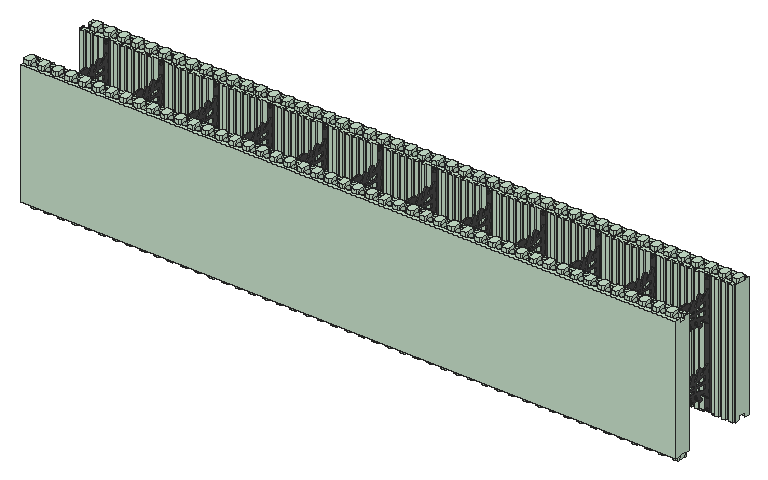
Revit family (continued)
Definition of nested family "NUDURA Diamond Pattern"
  Lines and regions (in)
    model lines
      curve 180: arc (4.54562, -5.625, 0.57322) -> (4.61884, -5.625, 0.75) -> (4.54562, -5.625, 0.92678) r 0.25
      curve 181: line (4.17062, -5.625, 0.19822) -> (4.54562, -5.625, 0.57322)
      curve 182: arc (3.81706, -5.625, 0.19822) -> (3.99384, -5.625, 0.125) -> (4.17062, -5.625, 0.19822) r 0.25
      curve 183: line (3.44206, -5.625, 0.57322) -> (3.81706, -5.625, 0.19822)
      curve 184: arc (3.44206, -5.625, 0.92678) -> (3.36884, -5.625, 0.75) -> (3.44206, -5.625, 0.57322) r 0.25
      curve 185: line (3.81706, -5.625, 1.30178) -> (3.44206, -5.625, 0.92678)
      curve 186: arc (4.29059, -5.625, 3.14142) -> (4.23201, -5.625, 3) -> (4.29059, -5.625, 2.85858) r 0.2
      curve 187: arc (4.29059, -5.625, 4.64142) -> (4.23201, -5.625, 4.5) -> (4.29059, -5.625, 4.35858) r 0.2
      curve 188: arc (4.29059, -5.625, 6.14142) -> (4.23201, -5.625, 6) -> (4.29059, -5.625, 5.85858) r 0.2
      curve 189: arc (4.29059, -5.625, 7.64142) -> (4.23201, -5.625, 7.5) -> (4.29059, -5.625, 7.35858) r 0.2
      curve 190: arc (4.29059, -5.625, 9.14142) -> (4.23201, -5.625, 9) -> (4.29059, -5.625, 8.85858) r 0.2
      curve 191: arc (4.29059, -5.625, 10.64142) -> (4.23201, -5.625, 10.5) -> (4.29059, -5.625, 10.35858) r 0.2
      curve 192: arc (4.29059, -5.625, 12.14142) -> (4.23201, -5.625, 12) -> (4.29059, -5.625, 11.85858) r 0.2
      curve 193: arc (4.29059, -5.625, 13.64142) -> (4.23201, -5.625, 13.5) -> (4.29059, -5.625, 13.35858) r 0.2
      curve 194: arc (4.29059, -5.625, 15.14142) -> (4.23201, -5.625, 15) -> (4.29059, -5.625, 14.85858) r 0.2
      curve 195: arc (4.29059, -5.625, 16.64142) -> (4.23201, -5.625, 16.5) -> (4.29059, -5.625, 16.35858) r 0.2
Definition of nested family "NUDURA Logo Diamond"
  Reference planes (in)
    plane 1 "Center (Front/Back)": y = 0
    plane 2: z = 0
    plane 3 "Center (Left/Right)": x = 0
  Lines and regions (in)
    model lines
      curve 1: line (12.59848, 0, 17.50104) -> (12.24492, 0, 17.85459)
      curve 2: line (12.36113, 0, 16.76872) -> (12.59848, 0, 17.00607)
      curve 3: line (12.59848, 0, 16.00104) -> (12.36113, 0, 16.23839)
      curve 4: line (12.36113, 0, 15.26872) -> (12.59848, 0, 15.50607)
      curve 5: line (12.59848, 0, 14.50104) -> (12.36113, 0, 14.73839)
      curve 6: line (12.36113, 0, 13.76872) -> (12.59848, 0, 14.00607)
      curve 7: line (12.17421, 0, 13.28388) -> (12.71208, 0, 12.74602)
      curve 8: line (12.71208, 0, 12.74602) -> (12.78279, 0, 12.81673)
      curve 9: line (11.28279, 0, 12.74602) -> (11.82066, 0, 13.28388)
      curve 10: line (11.63374, 0, 13.23839) -> (11.21208, 0, 12.81673)
      curve 11: line (11.3964, 0, 14.00607) -> (11.63374, 0, 13.76872)
      curve 12: line (11.63374, 0, 14.73839) -> (11.3964, 0, 14.50104)
      curve 13: line (11.3964, 0, 15.50607) -> (11.63374, 0, 15.26872)
      curve 14: line (11.63374, 0, 16.23839) -> (11.3964, 0, 16.00104)
      curve 15: line (11.3964, 0, 17.00607) -> (11.63374, 0, 16.76872)
      curve 16: line (11.74995, 0, 17.85459) -> (11.3964, 0, 17.50104)
      curve 17: line (11.82066, 0, 17.78388) -> (11.46711, 0, 17.43033)
      curve 18: line (12.52777, 0, 17.43033) -> (12.17421, 0, 17.78388)
      curve 19: line (12.17421, 0, 16.72322) -> (12.52777, 0, 17.07678)
      curve 20: line (11.46711, 0, 17.07678) -> (11.82066, 0, 16.72322)
      curve 21: arc (11.3964, 0, 17.50104) -> (11.29388, 0, 17.25355) -> (11.3964, 0, 17.00607) r 0.35
      curve 22: arc (11.74995, 0, 17.85459) -> (11.99744, 0, 17.95711) -> (12.24492, 0, 17.85459) r 0.35
      curve 23: arc (11.46711, 0, 17.43033) -> (11.39388, 0, 17.25355) -> (11.46711, 0, 17.07678) r 0.25
      curve 24: arc (12.52777, 0, 17.43033) -> (12.60099, 0, 17.25355) -> (12.52777, 0, 17.07678) r 0.25
      curve 25: arc (12.17421, 0, 16.72322) -> (11.99744, 0, 16.65) -> (11.82066, 0, 16.72322) r 0.25
      curve 26: arc (11.82066, 0, 17.78388) -> (11.99744, 0, 17.85711) -> (12.17421, 0, 17.78388) r 0.25
      curve 27: arc (12.59848, 0, 17.50104) -> (12.70099, 0, 17.25355) -> (12.59848, 0, 17.00607) r 0.35
      curve 28: arc (11.63374, 0, 16.76872) -> (11.74358, 0, 16.50355) -> (11.63374, 0, 16.23839) r 0.375
      curve 29: arc (12.36113, 0, 16.76872) -> (12.2513, 0, 16.50355) -> (12.36113, 0, 16.23839) r 0.375
      curve 30: line (12.36113, 0, 15.26872) -> (12.59848, 0, 15.50607)
      curve 31: line (11.3964, 0, 15.50607) -> (11.63374, 0, 15.26872)
      curve 32: line (11.82066, 0, 16.28388) -> (11.46711, 0, 15.93033)
      curve 33: line (12.52777, 0, 15.93033) -> (12.17421, 0, 16.28388)
      curve 34: line (12.17421, 0, 15.22322) -> (12.52777, 0, 15.57678)
      curve 35: line (11.46711, 0, 15.57678) -> (11.82066, 0, 15.22322)
      curve 36: arc (11.3964, 0, 16.00104) -> (11.29388, 0, 15.75355) -> (11.3964, 0, 15.50607) r 0.35
      curve 37: arc (11.46711, 0, 15.93033) -> (11.39388, 0, 15.75355) -> (11.46711, 0, 15.57678) r 0.25
      curve 38: arc (12.52777, 0, 15.93033) -> (12.60099, 0, 15.75355) -> (12.52777, 0, 15.57678) r 0.25
      curve 39: arc (12.17421, 0, 15.22322) -> (11.99744, 0, 15.15) -> (11.82066, 0, 15.22322) r 0.25
      curve 40: arc (11.82066, 0, 16.28388) -> (11.99744, 0, 16.35711) -> (12.17421, 0, 16.28388) r 0.25
      curve 41: arc (12.59848, 0, 16.00104) -> (12.70099, 0, 15.75355) -> (12.59848, 0, 15.50607) r 0.35
      curve 42: line (11.63374, 0, 16.23839) -> (11.3964, 0, 16.00104)
      curve 43: line (12.59848, 0, 16.00104) -> (12.36113, 0, 16.23839)
      curve 44: arc (11.63374, 0, 15.26872) -> (11.74358, 0, 15.00355) -> (11.63374, 0, 14.73839) r 0.375
      curve 45: arc (12.36113, 0, 15.26872) -> (12.2513, 0, 15.00355) -> (12.36113, 0, 14.73839) r 0.375
      curve 46: line (12.36113, 0, 13.76872) -> (12.59848, 0, 14.00607)
      curve 47: line (11.3964, 0, 14.00607) -> (11.63374, 0, 13.76872)
      curve 48: line (11.82066, 0, 14.78388) -> (11.46711, 0, 14.43033)
      curve 49: line (12.52777, 0, 14.43033) -> (12.17421, 0, 14.78388)
      curve 50: line (12.17421, 0, 13.72322) -> (12.52777, 0, 14.07678)
      curve 51: line (11.46711, 0, 14.07678) -> (11.82066, 0, 13.72322)
      curve 52: arc (11.3964, 0, 14.50104) -> (11.29388, 0, 14.25355) -> (11.3964, 0, 14.00607) r 0.35
      curve 53: arc (11.46711, 0, 14.43033) -> (11.39388, 0, 14.25355) -> (11.46711, 0, 14.07678) r 0.25
      curve 54: arc (12.52777, 0, 14.43033) -> (12.60099, 0, 14.25355) -> (12.52777, 0, 14.07678) r 0.25
      curve 55: arc (12.17421, 0, 13.72322) -> (11.99744, 0, 13.65) -> (11.82066, 0, 13.72322) r 0.25
      curve 56: arc (11.82066, 0, 14.78388) -> (11.99744, 0, 14.85711) -> (12.17421, 0, 14.78388) r 0.25
      curve 57: arc (12.59848, 0, 14.50104) -> (12.70099, 0, 14.25355) -> (12.59848, 0, 14.00607) r 0.35
      curve 58: line (11.63374, 0, 14.73839) -> (11.3964, 0, 14.50104)
      curve 59: arc (11.63374, 0, 13.76872) -> (11.74358, 0, 13.50355) -> (11.63374, 0, 13.23839) r 0.375
      curve 60: arc (12.36113, 0, 13.76872) -> (12.2513, 0, 13.50355) -> (12.36113, 0, 13.23839) r 0.375
      curve 61: line (12.78279, 0, 12.81673) -> (12.36113, 0, 13.23839)
      curve 62: line (11.21208, 0, 12.81673) -> (11.28279, 0, 12.74602)
      curve 63: arc (11.82066, 0, 13.28388) -> (11.99744, 0, 13.35711) -> (12.17421, 0, 13.28388) r 0.25
      curve 64: line (12.59848, 0, 0.50607) -> (12.24492, 0, 0.15251)
      curve 65: line (12.36113, 0, 1.23839) -> (12.59848, 0, 1.00104)
      curve 66: line (12.59848, 0, 2.00607) -> (12.36113, 0, 1.76872)
      curve 67: line (12.36113, 0, 2.73839) -> (12.59848, 0, 2.50104)
      curve 68: line (12.59848, 0, 3.50607) -> (12.36113, 0, 3.26872)
      curve 69: line (12.36113, 0, 4.23839) -> (12.59848, 0, 4.00104)
      curve 70: line (12.17421, 0, 4.72322) -> (12.71208, 0, 5.26109)
      curve 71: line (12.71208, 0, 5.26109) -> (12.78279, 0, 5.19038)
      curve 72: line (11.28279, 0, 5.26109) -> (11.82066, 0, 4.72322)
      curve 73: line (11.63374, 0, 4.76872) -> (11.21208, 0, 5.19038)
      curve 74: line (11.3964, 0, 4.00104) -> (11.63374, 0, 4.23839)
      curve 75: line (11.63374, 0, 3.26872) -> (11.3964, 0, 3.50607)
      curve 76: line (11.3964, 0, 2.50104) -> (11.63374, 0, 2.73839)
      curve 77: line (11.63374, 0, 1.76872) -> (11.3964, 0, 2.00607)
      curve 78: line (11.3964, 0, 1.00104) -> (11.63374, 0, 1.23839)
      curve 79: line (11.74995, 0, 0.15251) -> (11.3964, 0, 0.50607)
      curve 80: line (11.82066, 0, 0.22322) -> (11.46711, 0, 0.57678)
      curve 81: line (12.52777, 0, 0.57678) -> (12.17421, 0, 0.22322)
      curve 82: line (12.17421, 0, 1.28388) -> (12.52777, 0, 0.93033)
      curve 83: line (11.46711, 0, 0.93033) -> (11.82066, 0, 1.28388)
      curve 84: arc (11.3964, 0, 0.50607) -> (11.29388, 0, 0.75355) -> (11.3964, 0, 1.00104) r 0.35
      curve 85: arc (11.74995, 0, 0.15251) -> (11.99744, 0, 0.05) -> (12.24492, 0, 0.15251) r 0.35
      curve 86: arc (11.46711, 0, 0.57678) -> (11.39388, 0, 0.75355) -> (11.46711, 0, 0.93033) r 0.25
      curve 87: arc (12.52777, 0, 0.57678) -> (12.60099, 0, 0.75355) -> (12.52777, 0, 0.93033) r 0.25
      curve 88: arc (12.17421, 0, 1.28388) -> (11.99744, 0, 1.35711) -> (11.82066, 0, 1.28388) r 0.25
      curve 89: arc (11.82066, 0, 0.22322) -> (11.99744, 0, 0.15) -> (12.17421, 0, 0.22322) r 0.25
      curve 90: arc (12.59848, 0, 0.50607) -> (12.70099, 0, 0.75355) -> (12.59848, 0, 1.00104) r 0.35
      curve 91: arc (11.63374, 0, 1.23839) -> (11.74358, 0, 1.50355) -> (11.63374, 0, 1.76872) r 0.375
      curve 92: arc (12.36113, 0, 1.23839) -> (12.2513, 0, 1.50355) -> (12.36113, 0, 1.76872) r 0.375
      curve 93: line (12.36113, 0, 2.73839) -> (12.59848, 0, 2.50104)
      curve 94: line (11.3964, 0, 2.50104) -> (11.63374, 0, 2.73839)
      curve 95: line (11.82066, 0, 1.72322) -> (11.46711, 0, 2.07678)
      curve 96: line (12.52777, 0, 2.07678) -> (12.17421, 0, 1.72322)
      curve 97: line (12.17421, 0, 2.78388) -> (12.52777, 0, 2.43033)
      curve 98: line (11.46711, 0, 2.43033) -> (11.82066, 0, 2.78388)
      curve 99: arc (11.3964, 0, 2.00607) -> (11.29388, 0, 2.25355) -> (11.3964, 0, 2.50104) r 0.35
      curve 100: arc (11.46711, 0, 2.07678) -> (11.39388, 0, 2.25355) -> (11.46711, 0, 2.43033) r 0.25
      curve 101: arc (12.52777, 0, 2.07678) -> (12.60099, 0, 2.25355) -> (12.52777, 0, 2.43033) r 0.25
      curve 102: arc (12.17421, 0, 2.78388) -> (11.99744, 0, 2.85711) -> (11.82066, 0, 2.78388) r 0.25
      curve 103: arc (11.82066, 0, 1.72322) -> (11.99744, 0, 1.65) -> (12.17421, 0, 1.72322) r 0.25
      curve 104: arc (12.59848, 0, 2.00607) -> (12.70099, 0, 2.25355) -> (12.59848, 0, 2.50104) r 0.35
      curve 105: line (11.63374, 0, 1.76872) -> (11.3964, 0, 2.00607)
      curve 106: line (12.59848, 0, 2.00607) -> (12.36113, 0, 1.76872)
      curve 107: arc (11.63374, 0, 2.73839) -> (11.74358, 0, 3.00355) -> (11.63374, 0, 3.26872) r 0.375
      curve 108: arc (12.36113, 0, 2.73839) -> (12.2513, 0, 3.00355) -> (12.36113, 0, 3.26872) r 0.375
      curve 109: line (12.36113, 0, 4.23839) -> (12.59848, 0, 4.00104)
      curve 110: line (11.3964, 0, 4.00104) -> (11.63374, 0, 4.23839)
      curve 111: line (11.82066, 0, 3.22322) -> (11.46711, 0, 3.57678)
      curve 112: line (12.52777, 0, 3.57678) -> (12.17421, 0, 3.22322)
      curve 113: line (12.17421, 0, 4.28388) -> (12.52777, 0, 3.93033)
      curve 114: line (11.46711, 0, 3.93033) -> (11.82066, 0, 4.28388)
      curve 115: arc (11.3964, 0, 3.50607) -> (11.29388, 0, 3.75355) -> (11.3964, 0, 4.00104) r 0.35
      curve 116: arc (11.46711, 0, 3.57678) -> (11.39388, 0, 3.75355) -> (11.46711, 0, 3.93033) r 0.25
      curve 117: arc (12.52777, 0, 3.57678) -> (12.60099, 0, 3.75355) -> (12.52777, 0, 3.93033) r 0.25
      curve 118: arc (12.17421, 0, 4.28388) -> (11.99744, 0, 4.35711) -> (11.82066, 0, 4.28388) r 0.25
      curve 119: arc (11.82066, 0, 3.22322) -> (11.99744, 0, 3.15) -> (12.17421, 0, 3.22322) r 0.25
      curve 120: arc (12.59848, 0, 3.50607) -> (12.70099, 0, 3.75355) -> (12.59848, 0, 4.00104) r 0.35
      curve 121: line (11.63374, 0, 3.26872) -> (11.3964, 0, 3.50607)
      curve 122: arc (11.63374, 0, 4.23839) -> (11.74358, 0, 4.50355) -> (11.63374, 0, 4.76872) r 0.375
      curve 123: arc (12.36113, 0, 4.23839) -> (12.2513, 0, 4.50355) -> (12.36113, 0, 4.76872) r 0.375
      curve 124: line (12.78279, 0, 5.19038) -> (12.36113, 0, 4.76872)
      curve 125: line (11.21208, 0, 5.19038) -> (11.28279, 0, 5.26109)
      curve 126: arc (11.82066, 0, 4.72322) -> (11.99744, 0, 4.65) -> (12.17421, 0, 4.72322) r 0.25
      curve 127: line (12.37244, 0, 12.50355) -> (11.62244, 0, 12.50355)
      curve 128: line (12.74744, 0, 5.87855) -> (12.74744, 0, 12.12855)
      curve 129: line (11.24744, 0, 12.12855) -> (11.24744, 0, 5.87855)
      curve 130: line (11.62244, 0, 5.50355) -> (12.37244, 0, 5.50355)
      curve 131: line (12.47232, 0, 12.00355) -> (12.0393, 0, 12.25355)
      curve 132: line (12.47232, 0, 11.50355) -> (12.47232, 0, 12.00355)
      curve 133: line (12.25581, 0, 11.37855) -> (12.47232, 0, 11.50355)
      curve 134: line (12.02256, 0, 11.51322) -> (12.25581, 0, 11.37855)
      curve 135: line (12.22232, 0, 11.62855) -> (12.02256, 0, 11.51322)
      curve 136: line (11.80605, 0, 12.11888) -> (12.22232, 0, 11.87855)
      curve 137: line (12.22232, 0, 11.87855) -> (12.22232, 0, 11.62855)
      curve 138: line (12.0393, 0, 12.25355) -> (11.80605, 0, 12.11888)
      curve 139: line (11.77256, 0, 11.63822) -> (11.97232, 0, 11.75355)
      curve 140: line (11.97232, 0, 11.75355) -> (11.73906, 0, 11.88822)
      curve 141: line (11.73906, 0, 11.88822) -> (11.52256, 0, 11.76322)
      curve 142: line (11.52256, 0, 11.76322) -> (11.52256, 0, 11.26322)
      curve 143: line (11.77256, 0, 11.38822) -> (11.77256, 0, 11.63822)
      curve 144: line (12.18882, 0, 11.14789) -> (11.77256, 0, 11.38822)
      curve 145: line (11.95557, 0, 11.01322) -> (12.18882, 0, 11.14789)
      curve 146: line (11.52256, 0, 11.26322) -> (11.95557, 0, 11.01322)
      curve 147: line (12.31108, 0, 10.60411) -> (11.68379, 0, 10.74458)
      curve 148: line (11.68379, 0, 10.74458) -> (11.68379, 0, 10.51321)
      curve 149: line (11.68379, 0, 10.51321) -> (12.1295, 0, 10.41405)
      curve 150: line (12.1295, 0, 10.41405) -> (11.68379, 0, 10.27358)
      curve 151: line (11.68379, 0, 10.27358) -> (11.68379, 0, 9.8852)
      curve 152: line (11.68379, 0, 9.8852) -> (12.17077, 0, 9.77615)
      curve 153: line (12.17077, 0, 9.77615) -> (12.17077, 0, 9.74472)
      curve 154: line (12.17077, 0, 9.74472) -> (11.86146, 0, 9.80279)
      curve 155: line (11.68379, 0, 9.65536) -> (11.68379, 0, 9.35864)
      curve 156: line (12.07077, 0, 8.74385) -> (12.07077, 0, 8.99996)
      curve 157: line (12.07077, 0, 8.99996) -> (11.68379, 0, 9.08605)
      curve 158: line (11.68379, 0, 9.08605) -> (11.68379, 0, 8.47809)
      curve 159: line (11.91823, 0, 9.06589) -> (12.31108, 0, 8.97792)
      curve 160: line (11.82444, 0, 8.55476) -> (11.82444, 0, 8.79865)
      curve 161: line (11.82444, 0, 8.79865) -> (12.07077, 0, 8.74385)
      curve 162: line (11.68379, 0, 8.07193) -> (11.68379, 0, 7.77522)
      curve 163: line (11.91823, 0, 7.48247) -> (12.21108, 0, 7.41688)
      curve 164: line (12.21108, 0, 7.41688) -> (12.21108, 0, 6.95405)
      curve 165: line (12.16108, 0, 6.90405) -> (12.12077, 0, 6.90405)
      curve 166: line (12.07077, 0, 6.95405) -> (12.07077, 0, 7.08675)
      curve 167: line (12.07077, 0, 7.08675) -> (12.12077, 0, 7.07556)
      curve 168: line (12.12077, 0, 7.07556) -> (12.12077, 0, 7.33463)
      curve 169: line (12.12077, 0, 7.33463) -> (11.68379, 0, 7.43249)
      curve 170: line (11.68379, 0, 7.43249) -> (11.68379, 0, 7.17341)
      curve 171: line (11.68379, 0, 7.17341) -> (11.97077, 0, 7.10915)
      curve 172: line (11.97077, 0, 7.10915) -> (11.97077, 0, 6.99425)
      curve 173: line (11.92077, 0, 6.94425) -> (11.68379, 0, 6.94425)
      curve 174: line (11.68379, 0, 6.94425) -> (11.68379, 0, 6.45682)
      curve 175: line (11.68379, 0, 6.45682) -> (11.78284, 0, 6.38658)
      curve 176: line (11.78284, 0, 6.38658) -> (11.78284, 0, 6.05178)
      curve 177: line (12.12371, 0, 6.14486) -> (11.88284, 0, 6.31567)
      curve 178: line (11.88284, 0, 6.31567) -> (11.88284, 0, 6.07909)
      curve 179: line (11.88284, 0, 6.07909) -> (12.12371, 0, 6.14486)
      curve 180: line (11.78284, 0, 6.05178) -> (11.68379, 0, 6.02474)
      curve 181: line (11.68379, 0, 6.02474) -> (11.68379, 0, 5.75355)
      curve 182: line (11.68379, 0, 5.75355) -> (12.31108, 0, 5.92483)
      curve 183: line (12.31108, 0, 5.92483) -> (12.31108, 0, 6.28791)
      curve 184: line (12.31108, 0, 6.28791) -> (11.76249, 0, 6.67694)
      curve 185: line (11.76249, 0, 6.67694) -> (11.90321, 0, 6.67694)
      curve 186: line (12.31108, 0, 6.78674) -> (12.31108, 0, 7.63562)
      curve 187: line (12.31108, 0, 7.63562) -> (11.90258, 0, 7.7271)
      curve 188: line (11.82444, 0, 7.82469) -> (11.82444, 0, 7.92839)
      curve 189: line (11.88536, 0, 7.97718) -> (12.31108, 0, 7.88185)
      curve 190: line (12.31108, 0, 7.88185) -> (12.31108, 0, 8.13496)
      curve 191: line (12.31108, 0, 8.13496) -> (12.08042, 0, 8.17826)
      curve 192: line (12.31108, 0, 8.38353) -> (12.31108, 0, 8.9465)
      curve 193: line (12.31108, 0, 8.9465) -> (12.17077, 0, 8.97771)
      curve 194: line (12.17077, 0, 8.97771) -> (12.17077, 0, 8.55476)
      curve 195: line (12.31108, 0, 8.97792) -> (12.31108, 0, 9.21905)
      curve 196: line (12.31108, 0, 9.21905) -> (11.90258, 0, 9.31053)
      curve 197: line (11.82444, 0, 9.40811) -> (11.82444, 0, 9.51182)
      curve 198: line (11.87938, 0, 9.56195) -> (12.31108, 0, 9.46528)
      curve 199: line (12.31108, 0, 9.46528) -> (12.31108, 0, 9.98469)
      curve 200: line (12.31108, 0, 9.98469) -> (11.90664, 0, 10.07526)
      curve 201: line (11.90664, 0, 10.07526) -> (12.31108, 0, 10.20747)
      curve 202: line (12.31108, 0, 10.20747) -> (12.31108, 0, 10.60411)
      curve 203: arc (11.68379, 0, 9.65536) -> (11.73801, 0, 9.7708) -> (11.86146, 0, 9.80279) r 0.15
      curve 204: arc (11.68379, 0, 9.35864) -> (11.74962, 0, 9.17112) -> (11.91823, 0, 9.06589) r 0.3
      curve 205: arc (11.84417, 0, 8.22149) -> (11.72718, 0, 8.32679) -> (11.68379, 0, 8.47809) r 0.28547
      curve 206: arc (11.68379, 0, 8.07193) -> (11.73147, 0, 8.18158) -> (11.84417, 0, 8.22149) r 0.14992
      curve 207: arc (11.68379, 0, 7.77522) -> (11.74962, 0, 7.58769) -> (11.91823, 0, 7.48247) r 0.3
      curve 208: arc (11.82444, 0, 7.82469) -> (11.84638, 0, 7.76218) -> (11.90258, 0, 7.7271) r 0.1
      curve 209: arc (11.82444, 0, 7.92839) -> (11.84318, 0, 7.96742) -> (11.88536, 0, 7.97718) r 0.05
      curve 210: arc (12.12077, 0, 6.90405) -> (12.08541, 0, 6.91869) -> (12.07077, 0, 6.95405) r 0.05
      curve 211: arc (12.16108, 0, 6.90405) -> (12.19644, 0, 6.91869) -> (12.21108, 0, 6.95405) r 0.05
      curve 212: arc (11.97077, 0, 6.99425) -> (11.95612, 0, 6.95889) -> (11.92077, 0, 6.94425) r 0.05
      curve 213: arc (11.90321, 0, 6.67694) -> (11.96756, 0, 6.70069) -> (12.00104, 0, 6.76055) r 0.09904
      curve 214: arc (12.00104, 0, 6.76055) -> (12.1681, 0, 6.63117) -> (12.31108, 0, 6.78674) r 0.15613
      curve 215: arc (12.08042, 0, 8.17826) -> (12.24181, 0, 8.22914) -> (12.31108, 0, 8.38353) r 0.20667
      curve 216: arc (11.82444, 0, 8.55476) -> (11.9976, 0, 8.3816) -> (12.17077, 0, 8.55476) r 0.17317
      curve 217: arc (11.82444, 0, 9.40811) -> (11.84638, 0, 9.34561) -> (11.90258, 0, 9.31053) r 0.1
      curve 218: arc (11.82444, 0, 9.51182) -> (11.8459, 0, 9.55306) -> (11.892, 0, 9.55913) r 0.05034
      curve 219: arc (11.24744, 0, 12.12855) -> (11.35727, 0, 12.39372) -> (11.62244, 0, 12.50355) r 0.375
      curve 220: arc (12.37244, 0, 12.50355) -> (12.6376, 0, 12.39372) -> (12.74744, 0, 12.12855) r 0.375
      curve 221: arc (11.24744, 0, 5.87855) -> (11.35727, 0, 5.61339) -> (11.62244, 0, 5.50355) r 0.375
      curve 222: arc (12.37244, 0, 5.50355) -> (12.6376, 0, 5.61339) -> (12.74744, 0, 5.87855) r 0.375
      curve 223: line (9.99744, 0, 18) -> (9.99744, 0, 0)
      curve 224: line (13.99744, 0, 18) -> (13.99744, 0, 0)
      curve 225: line (15.99744, 0, 18) -> (15.99744, 0, 0)
Types (3): name | Core Thickness
  (no name) | 0' - 8"
  Standard 6" Form Unit | 0' - 6"
  8" | 0' - 8"
